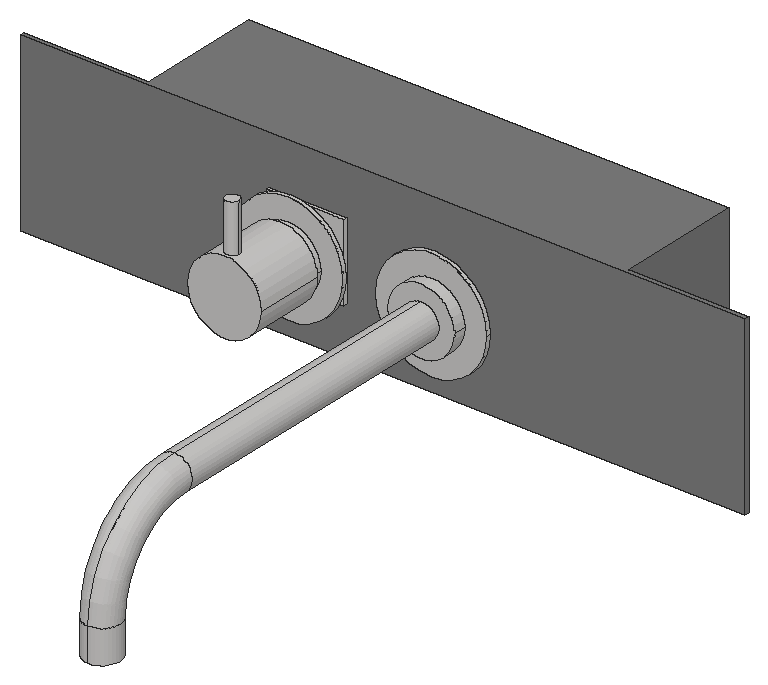
Revit family "121", category Plumbing Fixtures, Revit 2021
Family settings
  Round Connector Dimension = Use Diameter
  Part Type = Normal
  Work Plane-Based = No
  Always vertical = Yes
  Cut with Voids When Loaded = No
  Shared = No
  Room Calculation Point = No
Parameters
  e-mail = "info@vola.com"
  URL = "http://vola.com"
  Telephone = "+45 7023 5500"
  Quality management standard = "ISO 9001"
  Organisation no. / DUNS no. = "17531328"
  Occupational health and safety management standard = "ISO 18001"
  Mounting Instructions = "http://vola.com/service/producturl.ashx?name=121"
  Model = "121"
  Mixer Offset [instance] = 12.00 mm
  Mixer = yes
  Materials and components information = "http://vola.com/service/producturl.ashx?name=121"
  Manufacturer = "VOLA A/S"
  Maintenance Instructions = "http://vola.com/service/producturl.ashx?name=121"
  Guarantee = "2 years"
  Flow = "5,00 l/min"
  Environmental management standard = "ISO 14000"
  Default Elevation = 0.00 mm
  Connection - All relevant connections = "½\" for water connection"
  Approvals = "http://vola.com/service/producturl.ashx?name=121"
Reference planes
  plane 1 "Center (Front/Back)": y = 0
  plane 2: z = 0
  plane 3 "Center (Left/Right)": x = 0
  plane 4 "Mixer plane": y = 12
  plane 5 "Wall Surface": y = 0
Forms (mm)
  Extrusion 1, solid, material "Stainless Steel", visible <- "Mixer"
    sketch origin (16.5, 10, 0) x (0, 0, 1) y (-1, 0, 0)
      loop
        circle (0, 16.5) r 16.5
    from 0 to 10
  Extrusion 2, solid, material "Stainless Steel", visible <- "Mixer"
    sketch origin (-99, 10, 21) x (-1, 0, 0) y (0, 0, -1)
      loop
        circle (-21, 21) r 19.5
    from 0 to 10
Dimensions and locks
  "Mixer Offset": plane 4 "Mixer plane" to plane 1 "Center (Front/Back)"
  aligned and locked: plane 2 to level
  aligned and locked: nested 4 to nested 4
  aligned and locked: nested 1 to plane 4 "Mixer plane"
  aligned and locked: nested 2 to plane 1 "Center (Front/Back)"
  aligned and locked: nested 3 to plane 1 "Center (Front/Back)"
  aligned and locked: plane 1 "Center (Front/Back)" to Extrusion 1
  aligned and locked: plane 1 "Center (Front/Back)" to Extrusion 2
Automatic sketch dimensions
  Extrusion 1 sketch curve to Extrusion 1 sketch curve = 0.00 mm  (x2)
  Extrusion 1 sketch curve to Extrusion 1 sketch curve = 16.50 mm
  Extrusion 2 sketch curve to Extrusion 2 sketch curve = 0.00 mm  (x2)
  Extrusion 2 sketch curve to nested 1 = 1.50 mm
  Extrusion 2 sketch curve to nested 1 = 21.00 mm
  Extrusion 2 sketch curve to Extrusion 2 sketch curve = 19.50 mm
Nested families
  nested 1: "100" at (-39, 82.5, -70), visible <- "Mixer", type "100"
  nested 2: "001" at (0, 0, 0) x (-1, 0, 0) z (0, -1, 0), type "001"
  nested 3: "3001" at (-78, 0, 0) x (0, 0, 1) z (0, -1, 0), type "3001"
  nested 4: "NR28" at (-78, -2, 0), type "NR28"
  nested 5: "020" at (0, -2, 0), type "020"
Connectors
  piping at (-105, 57.5, -70), diameter 28
    settings: on nested 1, index 1, connector inside diameter 1.10236", connector length 0.00 mm, flow factor 0, pipe flow 0 GPM, pressure drop 0.00 psi, fitting loss kfactor 0, connector angle 0.00°, fixture units 0, engagement length 0.00 mm, angle of deflection 0.00°, flow configuration 0, flow direction 1, fitting loss method 0, system type 19, joint type 0, gender type 0, connector reference index -1, connector utility 0, adjustable connector no, is connector primary yes, connector description ""
  piping at (-51, 57.5, -70), diameter 28
    settings: on nested 1, index 2, connector inside diameter 1.10236", connector length 0.00 mm, flow factor 0, pipe flow 0 GPM, pressure drop 0.00 psi, fitting loss kfactor 0, connector angle 0.00°, fixture units 0, engagement length 0.00 mm, angle of deflection 0.00°, flow configuration 0, flow direction 1, fitting loss method 0, system type 20, joint type 0, gender type 0, connector reference index -1, connector utility 0, adjustable connector no, is connector primary no, connector description ""
Definition of nested family "100"
  Parameters
    e-mail = "info@vola.com"
    URL = "http://vola.com"
    Telephone = "+45 7023 5500"
    Quality management standard = "ISO 9001"
    Organisation no. / DUNS no. = "17531328"
    Occupational health and safety management standard = "ISO 18001"
    Mounting Instructions = "http://vola.com/service/producturl.ashx?name=100"
    Model = "100"
    Materials and components information = "http://vola.com/service/producturl.ashx?name=100"
    Manufacturer = "VOLA A/S"
    Maintenance Instructions = "http://vola.com/service/producturl.ashx?name=100"
    Guarantee = "2 years"
    Flow = "18,00 l/min"
    Environmental management standard = "ISO 14000"
    Default Elevation = 0.00 mm
    Connection - All relevant connections = ""
    Approvals = "http://vola.com/service/producturl.ashx?name=100"
  Reference planes
    plane 1 "Center (Front/Back)": y = 0
    plane 2: z = 0
    plane 3 "Center (Left/Right)": x = 0
    plane 4 "Front Plane": y = -72.5
    plane 5 "Inlet Center Plane": y = -25
    plane 6: z = 70
  Forms (mm)
    Extrusion 1, solid
      sketch origin (0, 0, 1) x (1, 0, 0) y (0, 0, 1)
        loop
          circle (39, 69) r 16.5
      from 70.5 to 72.5
    Extrusion 2, solid
      sketch origin (1032.5, -2.5, 1) x (-1, 0, 0) y (0, 0, -1)
        loop
          line (1092.5, -90) -> (1092.5, -48) -> (1050.5, -48) -> (1050.5, -90) -> (1092.5, -90)
      from 68 to 70
    Extrusion 3, solid
      sketch origin (0, 0, 1) x (1, 0, 0) y (0, 1, 0)
        loop
          line (-127.5, 0) -> (-127.5, -68) -> (132.5, -68) -> (132.5, 0) -> (-127.5, 0)
      from 21.5 to 116.5
    Extrusion 4, solid
      sketch origin (0, 0, 22.5) x (0, 1, 0) y (1, 0, 0)
        loop
          circle (-25, -12) r 14
      from 0 to 22.5
    Extrusion 5, solid
      sketch origin (-54, 0, 22.5) x (0, 1, 0) y (1, 0, 0)
        loop
          circle (-25, -12) r 14
      from 0 to 22.5
    Extrusion 6, solid
      sketch origin (0, 0, 1) x (1, 0, 0) y (0, 1, 0)
        loop
          line (-195, -68) -> (-195, -70.5) -> (197.5, -70.5) -> (197.5, -68) -> (-195, -68)
      from 21.5 to 116.5
  Cuts and joins
    joined: Extrusion 3, Extrusion 6
  Lines and regions (mm)
    reference lines
      curve 1: line (-39, -25, 70) -> (-39, -122.5, 70)
      curve 2: line (39, -25, 70) -> (39, -122.5, 70)
      curve 3: line (-66, -25, 70) -> (-66, -25, -29)
      curve 4: line (-12, -25, 70) -> (-12, -25, -29)
  Dimensions and locks
    aligned and locked: plane 2 to level
    aligned and locked: plane 6 to curve 4
    aligned and locked: plane 6 to curve 3
    aligned and locked: Extrusion 3 to Extrusion 6
    aligned and locked: Extrusion 6 to Extrusion 3
Definition of nested family "001"
  Parameters
    e-mail = "info@vola.com"
    URL = "http://vola.com"
    Telephone = "+45 7023 5500"
    Quality management standard = "ISO 9001"
    Organisation no. / DUNS no. = "17531328"
    Occupational health and safety management standard = "ISO 18001"
    Mounting Instructions = "http://vola.com/service/producturl.ashx?name=001"
    Model = "001"
    Materials and components information = "http://vola.com/service/producturl.ashx?name=001"
    Manufacturer = "VOLA A/S"
    Maintenance Instructions = "http://vola.com/service/producturl.ashx?name=001"
    Guarantee = "2 years"
    Environmental management standard = "ISO 14000"
    Default Elevation = 1219.20 mm
    Connection - All relevant connections = ""
    Approvals = "http://vola.com/service/producturl.ashx?name=001"
  Reference planes
    plane 1 "Center (Front/Back)": y = 0
    plane 2: z = 0
    plane 3 "Center (Left/Right)": x = 0
  Forms (mm)
    Extrusion 1, solid
      sketch origin (0, 0, 0) x (1, 0, 0) y (0, 1, 0)
        loop
          circle (0, 0) r 16.5
        loop
          circle (0, 0) r 30
      from 0 to 2
  Dimensions and locks
    aligned and locked: plane 2 to level
Definition of nested family "3001"
  Parameters
    e-mail = "info@vola.com"
    URL = "http://vola.com"
    Telephone = "+45 7023 5500"
    Quality management standard = "ISO 9001"
    Organisation no. / DUNS no. = "17531328"
    Occupational health and safety management standard = "ISO 18001"
    Mounting Instructions = "http://vola.com/service/producturl.ashx?name=3001"
    Model = "3001"
    Materials and components information = "http://vola.com/service/producturl.ashx?name=3001"
    Manufacturer = "VOLA A/S"
    Maintenance Instructions = "http://vola.com/service/producturl.ashx?name=3001"
    Guarantee = "2 years"
    Environmental management standard = "ISO 14000"
    Default Elevation = 1219.20 mm
    Connection - All relevant connections = ""
    Approvals = "http://vola.com/service/producturl.ashx?name=3001"
  Reference planes
    plane 1 "Center (Front/Back)": y = 0
    plane 2: z = 0
    plane 3 "Center (Left/Right)": x = 0
  Forms (mm)
    Extrusion 1, solid
      sketch origin (0, 0, 0) x (1, 0, 0) y (0, 1, 0)
        loop
          circle (0, 0) r 18
        loop
          circle (0, 0) r 30
      from 0 to 2
  Dimensions and locks
    aligned and locked: plane 2 to level
Definition of nested family "NR28"
  Parameters
    e-mail = "info@vola.com"
    URL = "http://vola.com"
    Telephone = "+45 7023 5500"
    Quality management standard = "ISO 9001"
    Organisation no. / DUNS no. = "17531328"
    Occupational health and safety management standard = "ISO 18001"
    Mounting Instructions = "http://vola.com/service/producturl.ashx?name=NR28"
    Model = "NR28"
    Materials and components information = "http://vola.com/service/producturl.ashx?name=NR28"
    Manufacturer = "VOLA A/S"
    Maintenance Instructions = "http://vola.com/service/producturl.ashx?name=NR28"
    Guarantee = "2 years"
    Environmental management standard = "ISO 14000"
    Default Elevation = 0.00 mm
    Connection - All relevant connections = ""
    Approvals = "http://vola.com/service/producturl.ashx?name=NR28"
  Reference planes
    plane 1 "Center (Front/Back)": y = 0
    plane 2: z = 0
    plane 3 "Center (Left/Right)": x = 0
  Forms (mm)
    Extrusion 1, solid
      sketch origin (0, 0, 0) x (1, 0, 0) y (0, 0, 1)
        loop
          circle (0, 0) r 20
      from 5 to 42.5
    Extrusion 2, solid
      sketch origin (0, -2.75, 0) x (0, -1, 0) y (1, 0, 0)
        loop
          circle (34.5, 0) r 3.5
      from 19 to 45.5
    Extrusion 3, solid
      sketch origin (0, 0, 0) x (1, 0, 0) y (0, 0, 1)
        loop
          circle (0, 0) r 18
      from 0 to 5
  Cuts and joins
    joined: Extrusion 1, Extrusion 2
  Lines and regions (mm)
    model lines
      curve 1: line (6.05, -42.5, 19.141) -> (6.05, -42.5, -19.141)
      curve 2: line (-6.05, -42.5, 19.141) -> (-6.05, -42.5, -19.141)
  Dimensions and locks
    aligned and locked: plane 2 to level
Definition of nested family "020"
  Parameters
    e-mail = "info@vola.com"
    URL = "http://vola.com"
    Telephone = "+45 7023 5500"
    Quality management standard = "ISO 9001"
    Organisation no. / DUNS no. = "17531328"
    Occupational health and safety management standard = "ISO 18001"
    Mounting Instructions = "http://vola.com/service/producturl.ashx?name=020"
    Model = "020"
    Materials and components information = "http://vola.com/service/producturl.ashx?name=020"
    Manufacturer = "VOLA A/S"
    Maintenance Instructions = "http://vola.com/service/producturl.ashx?name=020"
    Guarantee = "2 years"
    Environmental management standard = "ISO 14000"
    Default Elevation = 0.00 mm
    Connection - All relevant connections = ""
    Approvals = "http://vola.com/service/producturl.ashx?name=020"
  Reference planes
    plane 1 "Center (Front/Back)": y = 0
    plane 2: z = 0
    plane 3 "Center (Left/Right)": x = 0
  Forms (mm)
    Extrusion 1, solid
      sketch origin (0, 0, 0) x (1, 0, 0) y (0, 0, 1)
        loop
          circle (0, 0) r 18
      from 0 to 7
    Sweep 2, solid
      path origin (0, 0, 0) x (0, 1, 0) y (0, 0, 1)
        loop
          line (-7, 0) -> (-174, 0)
          arc (-174, 0) -> (-208.648, -14.352) -> (-223, -49) r 49
      profile origin (0, -208.648, -14.352) x (0, 0.707107, -0.707107) y (1, 0, 0)
        loop
          circle (0, 0) r 9.5
    Extrusion 3, solid
      sketch origin (0, -223, -49) x (0, -1, 0) y (-1, 0, 0)
        loop
          circle (0, 0) r 9.5
      from 0 to 18
  Dimensions and locks
    Sweep 2 sketch curve to plane 1 "Center (Front/Back)" = 223.00 mm
    aligned and locked: plane 2 to level
